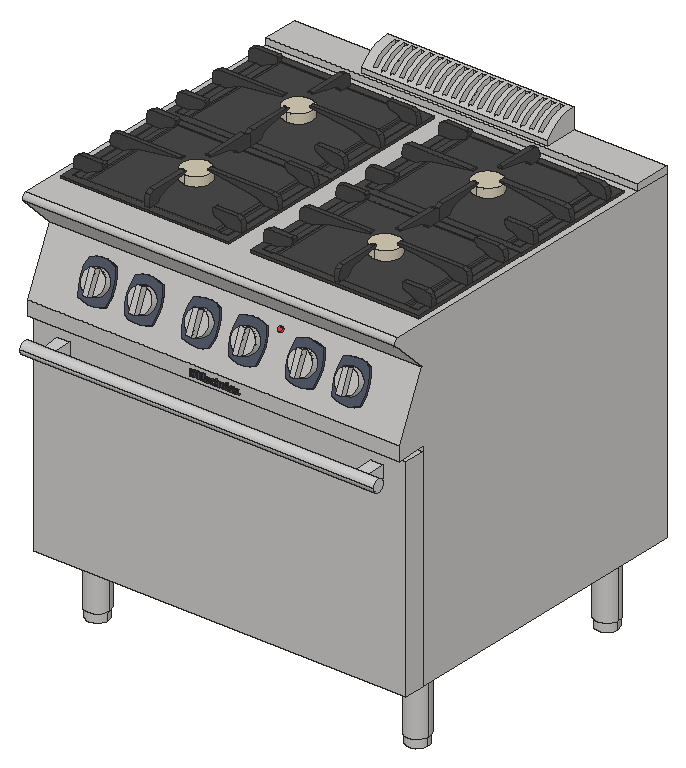
Revit family "QF_ELECTROLUXPROFESSIONAL_371125_E7GCGH4CEN", category Specialty Equipment, Revit 2018
Family settings
  Round Connector Dimension = Use Diameter
  Part Type = Normal
  Work Plane-Based = No
  Always vertical = Yes
  Cut with Voids When Loaded = No
  Shared = No
  Room Calculation Point = No
Parameters
  Width = 800 mm  # constant formula
  Weight in Pounds = 176  # constant formula
  Watts = 6000 VA  # 6000 W
  Volts = 230 V  # constant formula
  URL Cutsheet = "www.electrolux.com"
  URL = "www.electrolux.com"
  Type Mark [instance] = ""
  Status [instance] = ""
  Specification by User [instance] = ""
  Specification by Manufacturer = ""
  Show Logo [instance] = yes
  Show Clearance [instance] = yes
  Serial Number = ""
  Seismic Rating = ""
  SMACNA No = ""
  Revision Code [instance] = ""
  Phase = 3  # constant formula
  Omniclass Number and Title = ""
  Number of Poles [instance] = 1
  NAFEM Spec ID Number = ""
  Model = "371125"
  Min Ckt Ampacity = 0 A
  Mechanical Remarks [instance] = ""
  Mechanical Connection Type [instance] = ""
  Max Overcurrent Protection = 0 A
  Masterspec = ""
  Manufacturer = "ELECTROLUX"
  Item Number [instance] = ""
  Installed By [instance] = ""
  Identify Quantity as Lot [instance] = yes
  Height = 908.9 mm  # constant formula
  HP = "8 HP"
  Gas Size = 12.7 mm  # 1/2"
  Gas RI Height [instance] = 0 mm
  Gas KW [instance] = 22  # constant formula
  Gas Input [instance] = 21979.7 VA  # 74998.0 Btu/h
  Gas Connection Height = 0 mm
  Furnished By [instance] = ""
  Foodservice Equipment Identifier [instance] = yes
  FL Amps = if(Phase = 3, Watts / (Volts * 1.73), Watts / Volts)  # 15.0792 A
  Electrical Remarks [instance] = "230 V/3 ph/50/60 Hz"  # constant formula
  Electric Connection Type [instance] = ""
  Elec Conn RI Height [instance] = 0 mm
  Elec Conn Connection Height [instance] = 0 mm
  Direct Waste Size = 0"
  Description = "700XP 4-Burner Gas Range on Electric Oven"
  Depth = 700 mm  # constant formula
  Cycle [instance] = if([60 Hertz Option], 60 Hz, 50 Hz)  # 60 Hz
  Conn Plug = ""
  Conn Conduit = yes
  CSI MasterFormat = ""
  CSI Master Format = ""
  Assembly Code = ""
  Apparent Power = if(Phase = 3, Volts * FL Amps * 1.73, Volts * FL Amps)  # 6000 VA
  60 Hertz Option [instance] = not([50 Hertz Option])  # yes
  50 Hertz Option [instance] = no
Reference planes
  plane 1 "BACK": y = 0
  plane 2: z = 0
  plane 3 "LEFT": x = 0
  plane 4 "RIGHT": x = 800
  plane 5 "FRONT": y = -700
  plane 6 "TOP": z = 908.9
  plane 7 "Center Y": x = 400
  plane 8 "Center X": y = -350
  plane 9 "Base": z = 150
  plane 10: z = 850.9
  plane 11: y = -730.129
  plane 12: y = -1109
Forms (mm)
  Revolve 1, solid, material "QF_Finishes_Stainless Steel"
    sketch origin (1, -90, 0) x (1, 0, 0) y (0, 0, 1)
      loop
        line (55, 0) -> (55, 150) -> (29.6, 150) -> (29.6, 19.05) -> (32.1, 19.05) -> (32.1, 0) -> (55, 0)
      axis (55, 0) -> (55, 150)
    angle from 0 to 360
  Revolve 2, solid, material "QF_Finishes_Stainless Steel"
    sketch origin (1, -599.588, 0) x (1, 0, 0) y (0, 0, 1)
      loop
        line (55, 0) -> (55, 150) -> (29.6, 150) -> (29.6, 19.05) -> (32.1, 19.05) -> (32.1, 0) -> (55, 0)
      axis (55, 0) -> (55, 150)
    angle from 0 to 360
  Revolve 3, solid, material "QF_Finishes_Stainless Steel"
    sketch origin (799, -90, 0) x (-1, 0, 0) y (0, 0, -1)
      loop
        line (55, 0) -> (32.1, 0) -> (32.1, -19.05) -> (29.6, -19.05) -> (29.6, -150) -> (55, -150) -> (55, 0)
      axis (55, 0) -> (55, -150)
    angle from 0 to 360
  Revolve 4, solid, material "QF_Finishes_Stainless Steel"
    sketch origin (799, -599.588, 0) x (-1, 0, 0) y (0, 0, -1)
      loop
        line (55, 0) -> (32.1, 0) -> (32.1, -19.05) -> (29.6, -19.05) -> (29.6, -150) -> (55, -150) -> (55, 0)
      axis (55, 0) -> (55, -150)
    angle from 0 to 360
  Extrusion 5, solid, material "QF_Finishes_Stainless Steel"
    sketch origin (0, 0, 576.213) x (0, 1, 0) y (0, 0, 1)
      loop
        line (0, -426.213) -> (0, 274.687) -> (-721.5, 274.687)
        arc (-721.5, 274.687) -> (-729.472, 269.36) -> (-727.602, 259.956) r 8.63
        line (-727.602, 259.956) -> (-658.266, 190.62) -> (-715.962, 65.264) -> (-715.962, 33.966) -> (-655.839, 38.662)
        arc (-655.839, 38.662) -> (-653.314, 37.914) -> (-652.222, 35.518) r 3.175
        line (-652.222, 35.518) -> (-652.222, -426.213) -> (0, -426.213)
    from 0 to 800
  Extrusion 6, solid, material "QF_Finishes_Stainless Steel"
    sketch origin (0, -652.222, 611.731) x (0, 0, -1) y (1, 0, 0)
      loop
        line (461.731, 0) -> (461.731, 800) -> (9.61, 800) -> (9.61, 0) -> (461.731, 0)
    from 3.175 to 47.778
  Extrusion 7, solid, material "QF_Finishes_Handrails and Railings"
    sketch origin (0, 0, 0) x (0, 1, 0) y (0, 0, 1)
      loop
        line (-700, 580.001) -> (-738.678, 577.296)
        arc (-738.678, 577.296) -> (-739.871, 563.489) -> (-752.981, 558.993) r 12.7
        arc (-752.981, 558.993) -> (-752.44, 558.176) -> (-751.841, 557.401) r 13.441
        arc (-751.841, 557.401) -> (-750.036, 555.955) -> (-747.808, 555.335) r 5.77
        line (-747.808, 555.335) -> (-700, 551.992) -> (-700, 580.001)
    from 50.8 to 76.2
  Extrusion 8, solid, material "QF_Finishes_Handrails and Railings"
    sketch origin (800, 0, 0) x (0, 1, 0) y (0, 0, -1)
      loop
        line (-700, -580.001) -> (-700, -551.992) -> (-747.808, -555.335)
        arc (-747.808, -555.335) -> (-750.036, -555.955) -> (-751.841, -557.401) r 5.77
        arc (-751.841, -557.401) -> (-752.44, -558.176) -> (-752.981, -558.993) r 13.441
        arc (-752.981, -558.993) -> (-739.871, -563.489) -> (-738.678, -577.296) r 12.7
        line (-738.678, -577.296) -> (-700, -580.001)
    from 50.8 to 76.2
  Extrusion 9, solid, material "QF_Finishes_Handrails and Railings"
    sketch origin (0, 0, 0) x (0, 1, 0) y (0, 0, 1)
      loop
        circle (-749.878, 571.309) r 12.7
    from 19.875 to 780.125
  Extrusion 10, solid, material "QF_Finishes_Stainless Steel"
    sketch origin (0, 0, 576.213) x (0, 1, 0) y (0, 0, 1)
      loop
        line (0, 274.687) -> (0, 288.975) -> (-76.2, 288.975) -> (-76.2, 274.687) -> (0, 274.687)
    from 0 to 800
  Extrusion 11, solid, material "QF_Finishes_Navy Blue"
    sketch origin (7.744, -713.772, 646.186) x (0, 0.418102, 0.9084) y (-1, 0, 0)
      loop
        arc (102.623, -190.47) -> (67.041, -182.846) -> (31.333, -189.853) r 90.5
        arc (31.333, -189.853) -> (24.507, -219.04) -> (31.333, -248.228) r 65.817
        arc (31.333, -248.228) -> (67.04, -255.188) -> (102.623, -247.615) r 91.066
        arc (102.623, -247.615) -> (109.179, -219.043) -> (102.623, -190.47) r 65.546
      loop
        arc (102.623, -90.47) -> (67.041, -82.846) -> (31.333, -89.853) r 90.5
        arc (31.333, -89.853) -> (24.507, -119.04) -> (31.333, -148.228) r 65.817
        arc (31.333, -148.228) -> (67.04, -155.188) -> (102.623, -147.615) r 91.066
        arc (102.623, -147.615) -> (109.179, -119.043) -> (102.623, -90.47) r 65.546
      loop
        arc (102.623, -594.043) -> (109.179, -565.47) -> (102.623, -536.897) r 65.546
        arc (102.623, -536.897) -> (67.04, -529.324) -> (31.333, -536.284) r 91.066
        arc (31.333, -536.284) -> (24.507, -565.472) -> (31.333, -594.66) r 65.817
        arc (31.333, -594.66) -> (67.041, -601.667) -> (102.623, -594.043) r 90.5
      loop
        arc (102.623, -694.043) -> (109.179, -665.47) -> (102.623, -636.897) r 65.546
        arc (102.623, -636.897) -> (67.04, -629.324) -> (31.333, -636.284) r 91.066
        arc (31.333, -636.284) -> (24.507, -665.472) -> (31.333, -694.66) r 65.817
        arc (31.333, -694.66) -> (67.041, -701.667) -> (102.623, -694.043) r 90.5
      loop
        arc (102.623, -413.686) -> (67.041, -406.061) -> (31.333, -413.069) r 90.5
        arc (31.333, -413.069) -> (24.507, -442.256) -> (31.333, -471.444) r 65.817
        arc (31.333, -471.444) -> (67.04, -478.404) -> (102.623, -470.831) r 91.066
        arc (102.623, -470.831) -> (109.179, -442.259) -> (102.623, -413.686) r 65.546
      loop
        arc (102.623, -313.686) -> (67.041, -306.061) -> (31.333, -313.069) r 90.5
        arc (31.333, -313.069) -> (24.507, -342.256) -> (31.333, -371.444) r 65.817
        arc (31.333, -371.444) -> (67.04, -378.404) -> (102.623, -370.831) r 91.066
        arc (102.623, -370.831) -> (109.179, -342.259) -> (102.623, -313.686) r 65.546
    from 0 to 3.175
  Extrusion 12, solid, material "QF_Finishes_Stainless Steel"
    sketch origin (386.494, -717.485, 645.711) x (0, 0.418102, 0.9084) y (-1, 0, 0)
      loop
        circle (68.826, 159.037) r 25.4
      loop
        circle (68.826, 259.037) r 25.4
      loop
        circle (68.826, -186.049) r 25.4
      loop
        circle (68.826, -286.049) r 25.4
      loop
        circle (68.826, -63.463) r 25.4
      loop
        circle (68.826, 36.537) r 25.4
    from 0 to 12.7
  Extrusion 13, solid, material "QF_Finishes_Stainless Steel"
    sketch origin (0, 0, 150) x (-1, 0, 0) y (0, -1, 0)
      loop
        circle (-747.612, 464) r 6.35
    from -8.815 to 7.722
  Extrusion 14, solid, material "QF_Finishes_Door Clearance", visible <- "Show Clearance", detail levels coarse
    sketch origin (0, 0, 0) x (0, 1, 0) y (0, 0, 1)
      loop
        line (-1109, 150) -> (-700, 150) -> (-700, 601.405)
        arc (-700, 601.405) -> (-991.543, 454.568) -> (-1109, 150) r 453.603
    from 0 to 800
  Extrusion 15, solid, material "QF_Finishes_Clearance", visible <- "Show Clearance", detail levels coarse
    sketch origin (0, 0, 0) x (1, 0, 0) y (0, 1, 0)
      loop
        line (-150, -730.129) -> (0, -730.129) -> (0, 0) -> (800, 0) -> (800, -730.129) -> (950, -730.129) -> (950, 150) -> (-150, 150) -> (-150, -730.129)
    from 0 to 908.85
  Extrusion 16, solid, material "QF_Finishes_Stainless Steel"
    sketch origin (66.494, -729.022, 651.021) x (0, 0.418102, 0.9084) y (-1, 0, 0)
      loop
        arc (93.558, -166.749) -> (94.226, -160.963) -> (93.558, -155.177) r 25.4
        line (93.558, -155.177) -> (44.094, -155.177)
        arc (44.094, -155.177) -> (43.426, -160.963) -> (44.094, -166.749) r 25.4
        line (44.094, -166.749) -> (93.558, -166.749)
    from 0 to 12.7
  Extrusion 17, solid, material "QF_Finishes_Stainless Steel"
    sketch origin (-33.506, -729.022, 651.021) x (0, 0.418102, 0.9084) y (-1, 0, 0)
      loop
        arc (93.558, -166.749) -> (94.226, -160.963) -> (93.558, -155.177) r 25.4
        line (93.558, -155.177) -> (44.094, -155.177)
        arc (44.094, -155.177) -> (43.426, -160.963) -> (44.094, -166.749) r 25.4
        line (44.094, -166.749) -> (93.558, -166.749)
    from 0 to 12.7
  Extrusion 18, void
    sketch origin (-65.011, 0, 865.138) x (-1, 0, 0) y (0, -1, 0)
      loop
        line (-295.005, 6.761) -> (-285.709, 6.761) -> (-285.709, 63.911) -> (-295.005, 63.911) -> (-295.005, 6.761)
      loop
        line (-313.697, 6.761) -> (-304.401, 6.761) -> (-304.401, 63.911) -> (-313.697, 63.911) -> (-313.697, 6.761)
      loop
        line (-332.39, 6.761) -> (-323.094, 6.761) -> (-323.094, 63.911) -> (-332.39, 63.911) -> (-332.39, 6.761)
      loop
        line (-351.082, 6.761) -> (-341.787, 6.761) -> (-341.787, 63.911) -> (-351.082, 63.911) -> (-351.082, 6.761)
      loop
        line (-369.775, 6.761) -> (-360.479, 6.761) -> (-360.479, 63.911) -> (-369.775, 63.911) -> (-369.775, 6.761)
      loop
        line (-388.468, 6.761) -> (-379.172, 6.761) -> (-379.172, 63.911) -> (-388.468, 63.911) -> (-388.468, 6.761)
      loop
        line (-407.16, 6.761) -> (-397.864, 6.761) -> (-397.864, 63.911) -> (-407.16, 63.911) -> (-407.16, 6.761)
      loop
        line (-425.853, 6.761) -> (-416.557, 6.761) -> (-416.557, 63.911) -> (-425.853, 63.911) -> (-425.853, 6.761)
      loop
        line (-444.545, 6.761) -> (-435.25, 6.761) -> (-435.25, 63.911) -> (-444.545, 63.911) -> (-444.545, 6.761)
      loop
        line (-463.238, 6.761) -> (-453.942, 6.761) -> (-453.942, 63.911) -> (-463.238, 63.911) -> (-463.238, 6.761)
      loop
        line (-481.931, 6.761) -> (-472.635, 6.761) -> (-472.635, 63.911) -> (-481.931, 63.911) -> (-481.931, 6.761)
      loop
        line (-500.623, 6.761) -> (-491.328, 6.761) -> (-491.328, 63.911) -> (-500.623, 63.911) -> (-500.623, 6.761)
      loop
        line (-519.316, 6.761) -> (-510.02, 6.761) -> (-510.02, 63.911) -> (-519.316, 63.911) -> (-519.316, 6.761)
      loop
        line (-538.008, 6.761) -> (-528.713, 6.761) -> (-528.713, 63.911) -> (-538.008, 63.911) -> (-538.008, 6.761)
      loop
        line (-556.701, 6.761) -> (-547.405, 6.761) -> (-547.405, 63.911) -> (-556.701, 63.911) -> (-556.701, 6.761)
      loop
        line (-575.394, 6.761) -> (-566.098, 6.761) -> (-566.098, 63.911) -> (-575.394, 63.911) -> (-575.394, 6.761)
      loop
        line (-594.086, 6.761) -> (-584.791, 6.761) -> (-584.791, 63.911) -> (-594.086, 63.911) -> (-594.086, 6.761)
      loop
        line (-612.779, 6.761) -> (-603.483, 6.761) -> (-603.483, 63.911) -> (-612.779, 63.911) -> (-612.779, 6.761)
      loop
        line (-631.472, 6.761) -> (-622.176, 6.761) -> (-622.176, 63.911) -> (-631.472, 63.911) -> (-631.472, 6.761)
      loop
        line (-650.164, 6.761) -> (-640.868, 6.761) -> (-640.868, 63.911) -> (-650.164, 63.911) -> (-650.164, 6.761)
    from 9.525 to 45.348
  Extrusion 19, solid, material "QF_Finishes_Stainless Steel"
    sketch origin (-200, 0, 590.5) x (0, 1, 0) y (0, 0, 1)
      loop
        line (0, 274.688) -> (0, 318.4)
        arc (0, 318.4) -> (-39.072, 309.779) -> (-69.85, 284.212) r 84.854
        line (-69.85, 284.212) -> (-69.85, 274.688) -> (0, 274.688)
    from 400 to 800
  Extrusion 20, solid, material "QF_Finishes_Stainless Steel"
    sketch origin (733.506, -729.022, 651.021) x (0, 0.418102, 0.9084) y (-1, 0, 0)
      loop
        line (93.558, 166.749) -> (44.094, 166.749)
        arc (44.094, 166.749) -> (43.426, 160.963) -> (44.094, 155.177) r 25.4
        line (44.094, 155.177) -> (93.558, 155.177)
        arc (93.558, 155.177) -> (94.226, 160.963) -> (93.558, 166.749) r 25.4
    from 0 to 12.7
  Extrusion 21, solid, material "QF_Finishes_Stainless Steel"
    sketch origin (833.506, -729.022, 651.021) x (0, 0.418102, 0.9084) y (-1, 0, 0)
      loop
        line (93.558, 166.749) -> (44.094, 166.749)
        arc (44.094, 166.749) -> (43.426, 160.963) -> (44.094, 155.177) r 25.4
        line (44.094, 155.177) -> (93.558, 155.177)
        arc (93.558, 155.177) -> (94.226, 160.963) -> (93.558, 166.749) r 25.4
    from 0 to 12.7
  Extrusion 22, solid, material "QF_Finishes_Stainless Steel"
    sketch origin (288.994, -729.022, 651.021) x (0, 0.418102, 0.9084) y (-1, 0, 0)
      loop
        arc (93.558, -166.749) -> (94.226, -160.963) -> (93.558, -155.177) r 25.4
        line (93.558, -155.177) -> (44.094, -155.177)
        arc (44.094, -155.177) -> (43.426, -160.963) -> (44.094, -166.749) r 25.4
        line (44.094, -166.749) -> (93.558, -166.749)
    from 0 to 12.7
  Extrusion 23, solid, material "QF_Finishes_Stainless Steel"
    sketch origin (188.994, -729.022, 651.021) x (0, 0.418102, 0.9084) y (-1, 0, 0)
      loop
        arc (93.558, -166.749) -> (94.226, -160.963) -> (93.558, -155.177) r 25.4
        line (93.558, -155.177) -> (44.094, -155.177)
        arc (44.094, -155.177) -> (43.426, -160.963) -> (44.094, -166.749) r 25.4
        line (44.094, -166.749) -> (93.558, -166.749)
    from 0 to 12.7
  Extrusion 24, solid, material "QF_Finishes_Red"
    sketch origin (0, -658.266, 766.833) x (0, -0.418102, -0.9084) y (1, 0, 0)
      loop
        circle (27.385, 506.659) r 5
    from 0 to 1.6
  Extrusion 25, solid, material "QF_Finishes_Stainless Steel"
    sketch origin (0, -50, 150) x (-1, 0, 0) y (0, -1, 0)
      loop
        circle (-747.612, 464) r 3.175
    from -1.912 to 7.722
  Extrusion 26, solid, material "QF_Finishes_Navy Blue", visible <- "Show Logo"
    sketch origin (61.109, -715.962, 610.773) x (0, 0, 1) y (-1, 0, 0)
      loop
        line (20.674, -296.698) -> (8.307, -296.698)
        arc (8.307, -296.698) -> (14.491, -301.27) -> (20.674, -296.698) r 6.467
      loop
        arc (20.674, -296.069) -> (19.505, -290.926) -> (14.849, -288.448) r 6.338
        line (14.849, -288.448) -> (14.849, -290.494)
        arc (14.849, -290.494) -> (16.333, -294.149) -> (19.778, -296.069) r 5.941
        line (19.778, -296.069) -> (20.674, -296.069)
      loop
        arc (9.203, -296.069) -> (12.648, -294.149) -> (14.132, -290.494) r 5.941
        line (14.132, -290.494) -> (14.132, -288.448)
        arc (14.132, -288.448) -> (9.438, -290.922) -> (8.148, -296.069) r 6.504
        line (8.148, -296.069) -> (9.203, -296.069)
      loop
        line (21.349, -287.979) -> (7.604, -287.979) -> (7.604, -301.742) -> (21.349, -301.742) -> (21.349, -287.979)
      loop
        arc (21.432, -304.71) -> (21.085, -304.352) -> (20.718, -304.69) r 0.358
        arc (20.718, -304.69) -> (20.404, -305.44) -> (19.687, -305.825) r 1.216
        line (19.687, -305.825) -> (9.274, -305.825)
        arc (9.274, -305.825) -> (8.614, -305.548) -> (8.218, -304.951) r 1.238
        arc (8.218, -304.951) -> (7.823, -304.7) -> (7.518, -305.054) r 0.358
        line (7.518, -305.054) -> (7.518, -314.933) -> (10.269, -314.933) -> (10.269, -314.036)
        arc (10.269, -314.036) -> (9.36, -313.456) -> (8.904, -312.479) r 1.928
        line (8.904, -312.479) -> (8.904, -309.98)
        arc (8.904, -309.98) -> (9.18, -309.251) -> (9.868, -308.887) r 1.101
        line (9.868, -308.887) -> (13.955, -308.887) -> (13.955, -312.561)
        arc (13.955, -312.561) -> (13.602, -313.058) -> (13.037, -313.286) r 1.083
        arc (13.037, -313.286) -> (12.773, -313.591) -> (13.065, -313.869) r 0.292
        line (13.065, -313.869) -> (16.028, -313.869)
        arc (16.028, -313.869) -> (16.33, -313.596) -> (16.092, -313.266) r 0.305
        arc (16.092, -313.266) -> (15.601, -313.018) -> (15.296, -312.561) r 1.083
        line (15.296, -312.561) -> (15.296, -308.887) -> (19.973, -308.887) -> (19.973, -312.635)
        arc (19.973, -312.635) -> (19.759, -313.39) -> (19.153, -313.888) r 1.314
        arc (19.153, -313.888) -> (18.934, -314.292) -> (19.288, -314.585) r 0.361
        line (19.288, -314.585) -> (21.432, -314.585) -> (21.432, -304.71)
      loop
        arc (20.715, -315.365) -> (20.335, -316.284) -> (19.416, -316.664) r 1.299
        line (19.416, -316.664) -> (9.837, -316.664)
        arc (9.837, -316.664) -> (8.999, -316.286) -> (8.728, -315.408) r 1.118
        line (8.728, -315.408) -> (7.518, -315.408) -> (7.518, -320.758) -> (8.706, -320.758)
        arc (8.706, -320.758) -> (8.978, -319.841) -> (9.848, -319.445) r 1.153
        line (9.848, -319.445) -> (21.92, -319.445) -> (20.715, -315.365)
      loop
        line (12.483, -323.394) -> (12.483, -329.842) -> (13.282, -329.842)
        arc (13.282, -329.842) -> (15.862, -328.857) -> (17.131, -326.404) r 3.874
        line (17.131, -326.404) -> (17.131, -324.643)
        arc (17.131, -324.643) -> (15.944, -321.778) -> (13.08, -320.592) r 4.051
        line (13.08, -320.592) -> (11.072, -320.592)
        arc (11.072, -320.592) -> (8.253, -322.077) -> (7.202, -325.084) r 4.352
        arc (7.202, -325.084) -> (7.566, -327.547) -> (8.943, -329.621) r 5.713
        line (8.943, -329.621) -> (9.892, -329.621)
        arc (9.892, -329.621) -> (9.16, -328.052) -> (8.943, -326.334) r 5.579
        arc (8.943, -326.334) -> (9.737, -324.371) -> (11.616, -323.394) r 3.057
        line (11.616, -323.394) -> (12.483, -323.394)
      loop
        line (13.742, -323.394) -> (13.742, -326.977)
        arc (13.742, -326.977) -> (15.199, -327.024) -> (16.082, -325.864) r 1.59
        line (16.082, -325.864) -> (16.082, -325.034)
        arc (16.082, -325.034) -> (15.217, -323.779) -> (13.742, -323.394) r 2.184
      loop
        arc (16.533, -339.259) -> (17.022, -337.585) -> (17.179, -335.848) r 9.023
        line (17.179, -335.848) -> (17.179, -334.486)
        arc (17.179, -334.486) -> (16.02, -331.686) -> (13.22, -330.527) r 3.959
        line (13.22, -330.527) -> (10.62, -330.527)
        arc (10.62, -330.527) -> (8.338, -331.819) -> (7.221, -334.192) r 4.331
        line (7.221, -334.192) -> (7.221, -336.327)
        arc (7.221, -336.327) -> (7.729, -337.877) -> (8.651, -339.223) r 5.772
        arc (8.651, -339.223) -> (9.412, -339.274) -> (9.499, -338.515) r 0.553
        arc (9.499, -338.515) -> (9.111, -337.781) -> (8.977, -336.962) r 2.573
        line (8.977, -336.962) -> (8.977, -335.447)
        arc (8.977, -335.447) -> (9.983, -333.806) -> (11.798, -333.163) r 2.884
        line (11.798, -333.163) -> (13.077, -333.163)
        arc (13.077, -333.163) -> (14.898, -333.723) -> (15.824, -335.388) r 2.554
        line (15.824, -335.388) -> (15.824, -336.441)
        arc (15.824, -336.441) -> (15.493, -337.369) -> (14.836, -338.104) r 2.564
        arc (14.836, -338.104) -> (14.614, -338.821) -> (15.223, -339.259) r 0.643
        line (15.223, -339.259) -> (16.533, -339.259)
      loop
        line (15.515, -339.53) -> (15.515, -341.031) -> (9.467, -341.031)
        arc (9.467, -341.031) -> (7.879, -341.688) -> (7.221, -343.276) r 2.246
        line (7.221, -343.276) -> (7.221, -344.86)
        arc (7.221, -344.86) -> (7.535, -345.725) -> (8.035, -346.496) r 4.06
        arc (8.035, -346.496) -> (8.768, -346.629) -> (9.019, -345.928) r 0.576
        arc (9.019, -345.928) -> (8.913, -345.403) -> (8.977, -344.87) r 1.69
        arc (8.977, -344.87) -> (9.519, -344.082) -> (10.425, -343.779) r 1.506
        line (10.425, -343.779) -> (15.563, -343.779) -> (15.563, -346.176) -> (16.119, -346.733) -> (16.941, -346.733) -> (16.941, -343.873) -> (20.172, -343.873) -> (15.515, -339.53)
      loop
        line (7.438, -347.63) -> (7.438, -353.017) -> (8.548, -353.017)
        arc (8.548, -353.017) -> (8.942, -352.066) -> (9.893, -351.672) r 1.345
        line (9.893, -351.672) -> (13.509, -351.672)
        arc (13.509, -351.672) -> (14.274, -352.264) -> (14.564, -353.186) r 1.615
        line (14.564, -353.186) -> (14.564, -354.742) -> (17.119, -355.427) -> (17.119, -354.044) -> (15.177, -351.485) -> (17.057, -351.485) -> (16.773, -348.779)
        arc (16.773, -348.779) -> (16.333, -348.249) -> (15.674, -348.45) r 0.621
        arc (15.674, -348.45) -> (15.274, -348.792) -> (14.78, -348.975) r 1.501
        line (14.78, -348.975) -> (9.893, -348.975)
        arc (9.893, -348.975) -> (8.942, -348.581) -> (8.548, -347.63) r 1.345
        line (8.548, -347.63) -> (7.438, -347.63)
      loop
        line (13.54, -354.964) -> (10.848, -354.964)
        arc (10.848, -354.964) -> (8.403, -356.272) -> (7.269, -358.803) r 4.288
        arc (7.269, -358.803) -> (7.205, -360.183) -> (7.269, -361.563) r 15.022
        arc (7.269, -361.563) -> (8.403, -364.094) -> (10.848, -365.401) r 4.288
        line (10.848, -365.401) -> (13.54, -365.401)
        arc (13.54, -365.401) -> (15.986, -364.094) -> (17.119, -361.563) r 4.288
        arc (17.119, -361.563) -> (17.183, -360.183) -> (17.119, -358.803) r 15.022
        arc (17.119, -358.803) -> (15.986, -356.272) -> (13.54, -354.964) r 4.288
      loop
        line (13.745, -358.078) -> (10.643, -358.078)
        arc (10.643, -358.078) -> (8.486, -360.235) -> (10.643, -362.392) r 2.157
        line (10.643, -362.392) -> (13.745, -362.392)
        arc (13.745, -362.392) -> (15.902, -360.235) -> (13.745, -358.078) r 2.157
      loop
        arc (20.726, -365.26) -> (20.355, -366.154) -> (19.461, -366.524) r 1.264
        line (19.461, -366.524) -> (9.597, -366.524)
        arc (9.597, -366.524) -> (8.727, -366.127) -> (8.455, -365.211) r 1.153
        line (8.455, -365.211) -> (7.518, -365.211) -> (7.518, -370.319) -> (8.446, -370.319)
        arc (8.446, -370.319) -> (8.805, -369.547) -> (9.597, -369.232) r 1.153
        line (9.597, -369.232) -> (21.92, -369.232) -> (20.726, -365.26)
      loop
        arc (15.846, -369.857) -> (15.647, -370.921) -> (14.678, -371.403) r 1.215
        line (14.678, -371.403) -> (9.658, -371.403)
        arc (9.658, -371.403) -> (8.043, -372.051) -> (7.322, -373.634) r 2.338
        line (7.322, -373.634) -> (7.322, -375.148)
        arc (7.322, -375.148) -> (7.497, -376.152) -> (7.999, -377.038) r 2.979
        line (7.999, -377.038) -> (7.518, -378.835) -> (7.518, -380.524) -> (16.943, -380.524) -> (16.649, -376.32) -> (15.863, -376.32)
        arc (15.863, -376.32) -> (15.507, -377.156) -> (14.755, -377.665) r 1.605
        line (14.755, -377.665) -> (9.652, -377.665)
        arc (9.652, -377.665) -> (9.232, -376.728) -> (9.159, -375.704) r 2.94
        arc (9.159, -375.704) -> (9.72, -374.603) -> (10.873, -374.16) r 1.724
        line (10.873, -374.16) -> (17.07, -374.16) -> (15.846, -369.857)
      loop
        line (16.874, -381.377) -> (15.202, -383.423) -> (12.028, -385.729) -> (8.572, -382.617)
        arc (8.572, -382.617) -> (8.335, -382.223) -> (8.357, -381.764) r 0.789
        line (8.357, -381.764) -> (7.518, -381.764) -> (7.518, -385.309) -> (8.344, -385.309)
        arc (8.344, -385.309) -> (8.686, -384.947) -> (9.176, -385.039) r 0.52
        line (9.176, -385.039) -> (10.976, -386.51) -> (8.858, -387.886)
        arc (8.858, -387.886) -> (8.457, -387.576) -> (8.37, -387.076) r 0.7
        line (8.37, -387.076) -> (7.518, -387.076) -> (7.518, -393.003) -> (8.405, -393.003)
        arc (8.405, -393.003) -> (8.472, -392.344) -> (8.866, -391.813) r 1.247
        line (8.866, -391.813) -> (13.066, -388.532) -> (15.513, -390.585) -> (16.874, -392.327) -> (16.874, -388.604) -> (15.389, -389.026) -> (13.868, -387.749) -> (15.568, -386.559) -> (16.874, -387.336) -> (16.874, -381.377)
    from 0 to 1.644
Cuts and joins
  Extrusion 18 cuts Extrusion 15
  Extrusion 18 cuts Extrusion 19
Lines and regions (mm)
  symbolic lines, style "QF-Door Swings"
    curve 1: line (0, -730.129, 150) -> (0, -1109, 150)
    curve 2: line (0, -1109, 150) -> (800, -1109, 150)
    curve 3: line (800, -1109, 150) -> (800, -730.129, 150)
  symbolic lines
    curve 4: line (800, -730.129, 150) -> (0, -730.129, 150)
    curve 5: line (0, 0, 150) -> (0, -730.129, 150)
    curve 6: line (0, -69.85, 150) -> (800, -69.85, 150)
    curve 7: line (0, -76.2, 150) -> (800, -76.2, 150)
    curve 8: line (800, -730.129, 150) -> (800, 0, 150)
    curve 9: line (0, 0, 150) -> (800, 0, 150)
    curve 13: line (50.8, -738.678, 150) -> (50.8, -730.129, 150)
    curve 14: line (76.2, -730.129, 150) -> (76.2, -738.678, 150)
    curve 15: line (19.875, -737.178, 150) -> (50.8, -737.178, 150)
    curve 16: line (19.875, -762.578, 150) -> (19.875, -737.178, 150)
    curve 17: line (780.125, -762.578, 150) -> (19.875, -762.578, 150)
    curve 18: line (780.125, -737.178, 150) -> (780.125, -762.578, 150)
    curve 19: line (749.2, -738.678, 150) -> (749.2, -730.129, 150)
    curve 20: line (723.8, -738.678, 150) -> (723.8, -730.129, 150)
    curve 21: line (723.8, -738.678, 150) -> (749.2, -738.678, 150)
    curve 22: line (50.8, -738.678, 150) -> (76.2, -738.678, 150)
    curve 23: line (76.2, -737.178, 150) -> (723.8, -737.178, 150)
    curve 24: line (749.2, -737.178, 150) -> (780.125, -737.178, 150)
    curve 25: line (229.994, -6.761, 150) -> (229.994, -63.911, 150)
    curve 26: line (229.994, -63.911, 150) -> (220.698, -63.911, 150)
    curve 27: line (220.698, -63.911, 150) -> (220.698, -6.761, 150)
    curve 28: line (220.698, -6.761, 150) -> (229.994, -6.761, 150)
    curve 29: line (435.612, -6.761, 150) -> (435.612, -63.911, 150)
    curve 30: line (435.612, -63.911, 150) -> (426.317, -63.911, 150)
    curve 31: line (426.317, -63.911, 150) -> (426.317, -6.761, 150)
    curve 32: line (426.317, -6.761, 150) -> (435.612, -6.761, 150)
    curve 33: line (416.92, -6.761, 150) -> (416.92, -63.911, 150)
    curve 34: line (416.92, -63.911, 150) -> (407.624, -63.911, 150)
    curve 35: line (407.624, -63.911, 150) -> (407.624, -6.761, 150)
    curve 36: line (407.624, -6.761, 150) -> (416.92, -6.761, 150)
    curve 37: line (398.227, -6.761, 150) -> (398.227, -63.911, 150)
    curve 38: line (398.227, -63.911, 150) -> (388.931, -63.911, 150)
    curve 39: line (388.931, -63.911, 150) -> (388.931, -6.761, 150)
    curve 40: line (388.931, -6.761, 150) -> (398.227, -6.761, 150)
    curve 41: line (379.534, -6.761, 150) -> (379.534, -63.911, 150)
    curve 42: line (379.534, -63.911, 150) -> (370.239, -63.911, 150)
    curve 43: line (370.239, -63.911, 150) -> (370.239, -6.761, 150)
    curve 44: line (370.239, -6.761, 150) -> (379.534, -6.761, 150)
    curve 45: line (360.842, -6.761, 150) -> (360.842, -63.911, 150)
    curve 46: line (360.842, -63.911, 150) -> (351.546, -63.911, 150)
    curve 47: line (351.546, -63.911, 150) -> (351.546, -6.761, 150)
    curve 48: line (351.546, -6.761, 150) -> (360.842, -6.761, 150)
    curve 49: line (342.149, -6.761, 150) -> (342.149, -63.911, 150)
    curve 50: line (342.149, -63.911, 150) -> (332.854, -63.911, 150)
    curve 51: line (332.854, -63.911, 150) -> (332.854, -6.761, 150)
    curve 52: line (332.854, -6.761, 150) -> (342.149, -6.761, 150)
    curve 53: line (323.457, -6.761, 150) -> (323.457, -63.911, 150)
    curve 54: line (323.457, -63.911, 150) -> (314.161, -63.911, 150)
    curve 55: line (314.161, -63.911, 150) -> (314.161, -6.761, 150)
    curve 56: line (314.161, -6.761, 150) -> (323.457, -6.761, 150)
    curve 57: line (304.764, -6.761, 150) -> (304.764, -63.911, 150)
    curve 58: line (304.764, -63.911, 150) -> (295.468, -63.911, 150)
    curve 59: line (295.468, -63.911, 150) -> (295.468, -6.761, 150)
    curve 60: line (295.468, -6.761, 150) -> (304.764, -6.761, 150)
    curve 61: line (286.071, -6.761, 150) -> (286.071, -63.911, 150)
    curve 62: line (286.071, -63.911, 150) -> (276.776, -63.911, 150)
    curve 63: line (276.776, -63.911, 150) -> (276.776, -6.761, 150)
    curve 64: line (276.776, -6.761, 150) -> (286.071, -6.761, 150)
    curve 65: line (267.379, -6.761, 150) -> (267.379, -63.911, 150)
    curve 66: line (267.379, -63.911, 150) -> (258.083, -63.911, 150)
    curve 67: line (258.083, -63.911, 150) -> (258.083, -6.761, 150)
    curve 68: line (258.083, -6.761, 150) -> (267.379, -6.761, 150)
    curve 69: line (248.686, -6.761, 150) -> (248.686, -63.911, 150)
    curve 70: line (248.686, -63.911, 150) -> (239.39, -63.911, 150)
    curve 71: line (239.39, -63.911, 150) -> (239.39, -6.761, 150)
    curve 72: line (239.39, -6.761, 150) -> (248.686, -6.761, 150)
    curve 73: line (585.153, -6.761, 150) -> (585.153, -63.911, 150)
    curve 74: line (585.153, -63.911, 150) -> (575.857, -63.911, 150)
    curve 75: line (575.857, -63.911, 150) -> (575.857, -6.761, 150)
    curve 76: line (575.857, -6.761, 150) -> (585.153, -6.761, 150)
    curve 77: line (566.461, -6.761, 150) -> (566.461, -63.911, 150)
    curve 78: line (566.461, -63.911, 150) -> (557.165, -63.911, 150)
    curve 79: line (557.165, -63.911, 150) -> (557.165, -6.761, 150)
    curve 80: line (557.165, -6.761, 150) -> (566.461, -6.761, 150)
    curve 81: line (547.768, -6.761, 150) -> (547.768, -63.911, 150)
    curve 82: line (547.768, -63.911, 150) -> (538.472, -63.911, 150)
    curve 83: line (538.472, -63.911, 150) -> (538.472, -6.761, 150)
    curve 84: line (538.472, -6.761, 150) -> (547.768, -6.761, 150)
    curve 85: line (529.075, -6.761, 150) -> (529.075, -63.911, 150)
    curve 86: line (529.075, -63.911, 150) -> (519.78, -63.911, 150)
    curve 87: line (519.78, -63.911, 150) -> (519.78, -6.761, 150)
    curve 88: line (519.78, -6.761, 150) -> (529.075, -6.761, 150)
    curve 89: line (510.383, -6.761, 150) -> (510.383, -63.911, 150)
    curve 90: line (510.383, -63.911, 150) -> (501.087, -63.911, 150)
    curve 91: line (501.087, -63.911, 150) -> (501.087, -6.761, 150)
    curve 92: line (501.087, -6.761, 150) -> (510.383, -6.761, 150)
    curve 93: line (491.69, -6.761, 150) -> (491.69, -63.911, 150)
    curve 94: line (491.69, -63.911, 150) -> (482.394, -63.911, 150)
    curve 95: line (482.394, -63.911, 150) -> (482.394, -6.761, 150)
    curve 96: line (482.394, -6.761, 150) -> (491.69, -6.761, 150)
    curve 97: line (472.998, -6.761, 150) -> (472.998, -63.911, 150)
    curve 98: line (472.998, -63.911, 150) -> (463.702, -63.911, 150)
    curve 99: line (463.702, -63.911, 150) -> (463.702, -6.761, 150)
    curve 100: line (463.702, -6.761, 150) -> (472.998, -6.761, 150)
    curve 101: line (454.305, -6.761, 150) -> (454.305, -63.911, 150)
    curve 102: line (454.305, -63.911, 150) -> (445.009, -63.911, 150)
    curve 103: line (445.009, -63.911, 150) -> (445.009, -6.761, 150)
    curve 104: line (445.009, -6.761, 150) -> (454.305, -6.761, 150)
    curve 105: line (200, -69.85, 150) -> (200, 0, 150)
    curve 106: line (600, -69.85, 150) -> (600, 0, 150)
  symbolic lines, style "QF-Clearances", visible <- "Show Clearance", detail levels coarse
    curve 10: line (-150, -730.129, 150) -> (-150, 150, 150)
    curve 11: line (-150, 150, 150) -> (950, 150, 150)
    curve 12: line (950, 150, 150) -> (950, -730.129, 150)
Dimensions and locks
  equal spacing: plane 3 "LEFT", plane 7 "Center Y", plane 4 "RIGHT"
  "Width": plane 3 "LEFT" to plane 4 "RIGHT"
  equal spacing: plane 5 "FRONT", plane 8 "Center X", plane 1 "BACK"
  "Depth": plane 5 "FRONT" to plane 1 "BACK"
  "Height": plane 6 "TOP" to level
  plane 9 "Base" to level = 150 mm
  plane 6 "TOP" to plane 10 = 58 mm  (x2)
  plane 1 "BACK" to plane 11 = 730.129 mm
  plane 1 "BACK" to plane 12 = 1109 mm
  aligned and locked: level to plane 2
Automatic sketch dimensions
  Revolve 1 sketch curve to plane 9 "Base" = 0 mm  (x2)
  Revolve 1 sketch curve to level = 0 mm
  plane 3 "LEFT" to Revolve 1 sketch curve = 30.6 mm
  Revolve 1 sketch curve to Revolve 1 sketch curve = 2.5 mm
  Revolve 1 sketch curve to Revolve 1 sketch curve = 25.4 mm
  Revolve 1 sketch curve to Revolve 1 sketch curve = 0 mm
  level to Revolve 1 sketch curve = 19.05 mm
  plane 9 "Base" to Revolve 1 sketch curve = 20 mm
  Revolve 2 sketch curve to plane 9 "Base" = 0 mm  (x2)
  Revolve 2 sketch curve to level = 0 mm
  plane 3 "LEFT" to Revolve 2 sketch curve = 30.6 mm
  Revolve 2 sketch curve to Revolve 2 sketch curve = 2.5 mm
  Revolve 2 sketch curve to Revolve 2 sketch curve = 25.4 mm
  Revolve 2 sketch curve to Revolve 2 sketch curve = 0 mm
  level to Revolve 2 sketch curve = 19.05 mm
  plane 9 "Base" to Revolve 2 sketch curve = 20 mm
  Revolve 3 sketch curve to plane 9 "Base" = 0 mm  (x2)
  Revolve 3 sketch curve to level = 0 mm
  Revolve 3 sketch curve to plane 4 "RIGHT" = 30.6 mm
  Revolve 3 sketch curve to Revolve 3 sketch curve = 2.5 mm
  Revolve 3 sketch curve to Revolve 3 sketch curve = 25.4 mm
  Revolve 3 sketch curve to Revolve 3 sketch curve = 0 mm
  plane 9 "Base" to Revolve 3 sketch curve = 20 mm
  level to Revolve 3 sketch curve = 19.05 mm
  Revolve 4 sketch curve to plane 9 "Base" = 0 mm  (x2)
  Revolve 4 sketch curve to level = 0 mm
  Revolve 4 sketch curve to plane 4 "RIGHT" = 30.6 mm
  Revolve 4 sketch curve to Revolve 4 sketch curve = 2.5 mm
  Revolve 4 sketch curve to Revolve 4 sketch curve = 25.4 mm
  Revolve 4 sketch curve to Revolve 4 sketch curve = 0 mm
  plane 9 "Base" to Revolve 4 sketch curve = 20 mm
  level to Revolve 4 sketch curve = 19.05 mm
  Extrusion 5 sketch curve to plane 10 = 0 mm
  Extrusion 5 sketch curve to plane 9 "Base" = 0 mm
  Extrusion 5 sketch curve to plane 1 "BACK" = 0 mm
  Extrusion 5 sketch curve to plane 5 "FRONT" = 47.778 mm
  Extrusion 5 sketch curve to Extrusion 5 sketch curve = 3.175 mm
  Extrusion 5 sketch curve to Extrusion 5 sketch curve = 0.442 mm
  Extrusion 5 sketch curve to plane 5 "FRONT" = 41.734 mm
  Extrusion 5 sketch curve to plane 11 = 14.167 mm
  Extrusion 5 sketch curve to plane 11 = 8.63 mm
  Extrusion 5 sketch curve to plane 11 = 2.528 mm
  Extrusion 5 sketch curve to plane 10 = 240.721 mm
  Extrusion 5 sketch curve to Extrusion 5 sketch curve = 1.552 mm
  Extrusion 5 sketch curve to Extrusion 5 sketch curve = 31.298 mm
  Extrusion 5 sketch curve to plane 10 = 84.067 mm
  Extrusion 5 sketch curve to plane 10 = 14.732 mm
  Extrusion 6 sketch curve to Extrusion 5 = 0 mm  (x2)
  Extrusion 5 to Extrusion 6 sketch curve = 0 mm
  Extrusion 5 to Extrusion 6 sketch curve = 9.61 mm
  Extrusion 7 sketch curve to plane 5 "FRONT" = 0 mm
  plane 11 to Extrusion 7 sketch curve = 8.549 mm
  plane 11 to Extrusion 7 sketch curve = 11.379 mm
  Extrusion 7 sketch curve to Extrusion 7 sketch curve = 5.898 mm
  Extrusion 7 sketch curve to Extrusion 7 sketch curve = 0.402 mm
  Extrusion 7 sketch curve to Extrusion 7 sketch curve = 8.37 mm
  Extrusion 7 sketch curve to Extrusion 7 sketch curve = 4.033 mm
  Extrusion 7 sketch curve to Extrusion 7 sketch curve = 0 mm  (x2)
  Extrusion 7 sketch curve to Extrusion 7 sketch curve = 1.139 mm
  Extrusion 7 sketch curve to plane 10 = 298.908 mm
  Extrusion 7 sketch curve to Extrusion 7 sketch curve = 3.343 mm
  Extrusion 7 sketch curve to Extrusion 7 sketch curve = 2.066 mm
  Extrusion 7 sketch curve to Extrusion 7 sketch curve = 5.312 mm
  Extrusion 7 sketch curve to Extrusion 7 sketch curve = 28.009 mm
  Extrusion 8 sketch curve to plane 5 "FRONT" = 0 mm
  plane 11 to Extrusion 8 sketch curve = 8.549 mm
  plane 11 to Extrusion 8 sketch curve = 11.379 mm
  Extrusion 8 sketch curve to Extrusion 8 sketch curve = 5.898 mm
  Extrusion 8 sketch curve to Extrusion 8 sketch curve = 0.402 mm
  Extrusion 8 sketch curve to Extrusion 8 sketch curve = 8.37 mm
  Extrusion 8 sketch curve to Extrusion 8 sketch curve = 4.033 mm
  Extrusion 8 sketch curve to Extrusion 8 sketch curve = 0 mm  (x2)
  Extrusion 8 sketch curve to Extrusion 8 sketch curve = 1.139 mm
  Extrusion 8 sketch curve to plane 10 = 270.899 mm
  Extrusion 8 sketch curve to Extrusion 8 sketch curve = 2.705 mm
  Extrusion 8 sketch curve to Extrusion 8 sketch curve = 5.987 mm
  Extrusion 8 sketch curve to Extrusion 8 sketch curve = 5.312 mm
  Extrusion 8 sketch curve to Extrusion 8 sketch curve = 28.009 mm
  plane 11 to Extrusion 9 sketch curve = 19.749 mm
  Extrusion 9 sketch curve to plane 10 = 279.591 mm
  Extrusion 10 sketch curve to plane 10 = 0 mm
  Extrusion 10 sketch curve to plane 1 "BACK" = 0 mm
  plane 10 to Extrusion 10 sketch curve = 14.288 mm
  Extrusion 10 sketch curve to Extrusion 10 sketch curve = 76.2 mm
  Extrusion 11 sketch curve to plane 7 "Center Y" = 20.812 mm
  Extrusion 11 sketch curve to Extrusion 11 sketch curve = 0 mm  (x16)
  plane 7 "Center Y" to Extrusion 11 sketch curve = 20.812 mm
  Extrusion 11 sketch curve to Extrusion 11 sketch curve = 12.3 mm  (x18)
  Extrusion 11 sketch curve to Extrusion 11 sketch curve = 34.925 mm  (x7)
  plane 7 "Center Y" to Extrusion 11 sketch curve = 4.302 mm
  Extrusion 11 sketch curve to plane 7 "Center Y" = 4.915 mm
  Extrusion 11 sketch curve to Extrusion 11 sketch curve = 46.691 mm  (x6)
  plane 7 "Center Y" to Extrusion 11 sketch curve = 21.43 mm
  Extrusion 11 sketch curve to plane 7 "Center Y" = 21.425 mm
  Extrusion 11 sketch curve to Extrusion 11 sketch curve = 14.612 mm
  Extrusion 11 sketch curve to Extrusion 11 sketch curve = 25.114 mm  (x3)
  Extrusion 11 sketch curve to Extrusion 11 sketch curve = 25.727 mm  (x2)
  Extrusion 11 sketch curve to Extrusion 11 sketch curve = 29.185 mm  (x5)
  Extrusion 11 sketch curve to Extrusion 11 sketch curve = 9.217 mm  (x2)
  Extrusion 11 sketch curve to Extrusion 11 sketch curve = 15.898 mm  (x2)
  Extrusion 11 sketch curve to Extrusion 11 sketch curve = 16.51 mm  (x2)
  Extrusion 11 sketch curve to Extrusion 11 sketch curve = 13.999 mm
  Extrusion 12 sketch curve to Extrusion 12 sketch curve = 0 mm  (x5)
  Extrusion 12 sketch curve to Extrusion 12 sketch curve = 100 mm  (x3)
  Extrusion 12 sketch curve to Extrusion 12 sketch curve = 122.586 mm
  Extrusion 12 sketch curve to Extrusion 12 sketch curve = 122.5 mm
  Extrusion 13 sketch curve to plane 4 "RIGHT" = 52.388 mm
  Extrusion 13 sketch curve to plane 8 "Center X" = 114 mm
  Extrusion 14 sketch curve to plane 9 "Base" = 0 mm
  Extrusion 14 sketch curve to plane 12 = 0 mm
  Extrusion 14 sketch curve to plane 5 "FRONT" = 0 mm
  Extrusion 14 sketch curve to Extrusion 14 sketch curve = 44.603 mm
  plane 11 to curve 12 = 0 mm
  curve 3 to plane 4 "RIGHT" = 0 mm
  plane 1 "BACK" to curve 9 = 0 mm
  curve 9 to plane 4 "RIGHT" = 0 mm
  plane 11 to curve 19 = 0 mm
  curve 1 to plane 3 "LEFT" = 0 mm
  curve 9 to plane 3 "LEFT" = 0 mm
  plane 11 to curve 10 = 0 mm
  plane 12 to curve 1 = 0 mm
  plane 4 "RIGHT" to curve 11 = 150 mm
  plane 11 to curve 18 = 7.049 mm
  curve 18 to plane 4 "RIGHT" = 19.875 mm
  curve 18 to curve 24 = 30.925 mm
  plane 11 to curve 23 = 7.049 mm
  curve 24 to curve 23 = 25.4 mm
  plane 1 "BACK" to curve 106 = 69.85 mm
  curve 106 to plane 4 "RIGHT" = 200 mm
  curve 106 to curve 73 = 14.847 mm
  curve 73 to curve 74 = 9.296 mm
  curve 74 to curve 78 = 9.397 mm
  curve 77 to curve 79 = 9.296 mm
  curve 78 to curve 81 = 9.397 mm
  curve 81 to curve 84 = 9.296 mm
  curve 82 to curve 86 = 9.397 mm
  curve 85 to curve 87 = 9.296 mm
  curve 86 to curve 90 = 9.397 mm
  curve 89 to curve 91 = 9.296 mm
  curve 90 to curve 93 = 9.397 mm
  curve 93 to curve 96 = 9.296 mm
  curve 94 to curve 98 = 9.397 mm
  curve 97 to curve 100 = 9.296 mm
  curve 99 to curve 104 = 9.397 mm
  curve 101 to curve 104 = 9.296 mm
  curve 103 to curve 29 = 9.397 mm
  curve 29 to curve 32 = 9.296 mm
  curve 31 to curve 33 = 9.397 mm
  plane 7 "Center Y" to curve 34 = 7.624 mm
  curve 37 to plane 7 "Center Y" = 1.773 mm
  curve 37 to curve 39 = 9.296 mm
  curve 39 to curve 44 = 9.397 mm
  curve 41 to curve 42 = 9.296 mm
  curve 42 to curve 45 = 9.397 mm
  curve 45 to curve 47 = 9.296 mm
  curve 47 to curve 49 = 9.397 mm
  curve 49 to curve 51 = 9.296 mm
  curve 51 to curve 53 = 9.397 mm
  curve 53 to curve 54 = 9.296 mm
  curve 55 to curve 57 = 9.397 mm
  curve 57 to curve 58 = 9.296 mm
  curve 59 to curve 64 = 9.397 mm
  curve 61 to curve 63 = 9.296 mm
  curve 63 to curve 65 = 9.397 mm
  curve 65 to curve 66 = 9.296 mm
  curve 67 to curve 72 = 9.397 mm
  curve 69 to curve 71 = 9.296 mm
  curve 71 to curve 28 = 9.397 mm
  curve 25 to curve 27 = 9.296 mm
  curve 27 to curve 105 = 20.698 mm
  plane 11 to curve 22 = 8.549 mm
  plane 3 "LEFT" to curve 22 = 76.2 mm
  plane 11 to curve 15 = 7.049 mm
  curve 23 to curve 15 = 25.4 mm
  plane 3 "LEFT" to curve 16 = 19.875 mm
  curve 11 to plane 3 "LEFT" = 150 mm
  curve 12 to plane 1 "BACK" = 150 mm
  plane 1 "BACK" to curve 101 = 6.761 mm
  plane 1 "BACK" to curve 81 = 6.761 mm
  plane 1 "BACK" to curve 100 = 6.761 mm
  plane 1 "BACK" to curve 80 = 6.761 mm
  plane 1 "BACK" to curve 96 = 6.761 mm
  plane 1 "BACK" to curve 76 = 6.761 mm
  plane 1 "BACK" to curve 92 = 6.761 mm
  plane 1 "BACK" to curve 72 = 6.761 mm
  plane 1 "BACK" to curve 88 = 6.761 mm
  plane 1 "BACK" to curve 68 = 6.761 mm
  plane 1 "BACK" to curve 25 = 6.761 mm
  plane 1 "BACK" to curve 64 = 6.761 mm
  plane 1 "BACK" to curve 29 = 6.761 mm
  plane 1 "BACK" to curve 60 = 6.761 mm
  plane 1 "BACK" to curve 33 = 6.761 mm
  plane 1 "BACK" to curve 56 = 6.761 mm
  plane 1 "BACK" to curve 37 = 6.761 mm
  plane 1 "BACK" to curve 52 = 6.761 mm
  plane 1 "BACK" to curve 41 = 6.761 mm
  plane 1 "BACK" to curve 48 = 6.761 mm
  curve 45 to curve 46 = 57.15 mm
  curve 45 to curve 42 = 0 mm
  curve 49 to curve 46 = 0 mm
  curve 41 to curve 39 = 0 mm
  curve 53 to curve 50 = 0 mm
  curve 37 to curve 35 = 0 mm
  curve 57 to curve 54 = 0 mm
  curve 33 to curve 31 = 0 mm
  curve 61 to curve 58 = 0 mm
  curve 27 to curve 105 = 5.939 mm
  curve 65 to curve 62 = 0 mm
  curve 85 to curve 86 = 57.15 mm
  curve 89 to curve 86 = 0 mm
  curve 69 to curve 66 = 0 mm
  curve 93 to curve 90 = 0 mm
  curve 73 to curve 106 = 5.939 mm
  curve 97 to curve 94 = 0 mm
  curve 77 to curve 74 = 0 mm
  curve 101 to curve 98 = 0 mm
  curve 81 to curve 78 = 0 mm
  curve 6 to curve 7 = 6.35 mm
  curve 24 to curve 19 = 1.5 mm
  curve 15 to curve 17 = 25.4 mm
  plane 11 to Extrusion 15 sketch curve = 0 mm  (x2)
  Extrusion 15 sketch curve to plane 3 "LEFT" = 0 mm
  plane 1 "BACK" to Extrusion 15 sketch curve = 0 mm
  Extrusion 15 sketch curve to plane 4 "RIGHT" = 0 mm
  Extrusion 15 sketch curve to plane 3 "LEFT" = 150 mm
  plane 4 "RIGHT" to Extrusion 15 sketch curve = 150 mm
  Extrusion 15 sketch curve to plane 1 "BACK" = 150 mm
  Extrusion 16 sketch curve to Extrusion 16 sketch curve = 0 mm  (x3)
  Extrusion 16 sketch curve to plane 7 "Center Y" = 166.757 mm
  Extrusion 16 sketch curve to Extrusion 16 sketch curve = 24.732 mm  (x2)
  Extrusion 16 sketch curve to Extrusion 16 sketch curve = 5.786 mm
  Extrusion 17 sketch curve to Extrusion 17 sketch curve = 0 mm  (x3)
  plane 3 "LEFT" to Extrusion 17 sketch curve = 133.243 mm
  Extrusion 17 sketch curve to Extrusion 17 sketch curve = 24.732 mm  (x2)
  Extrusion 17 sketch curve to Extrusion 17 sketch curve = 5.786 mm
  plane 1 "BACK" to Extrusion 18 sketch curve = 63.911 mm  (x2)
  plane 7 "Center Y" to Extrusion 18 sketch curve = 185.153 mm
  Extrusion 18 sketch curve to Extrusion 18 sketch curve = 9.296 mm  (x19)
  Extrusion 18 sketch curve to Extrusion 18 sketch curve = 9.397 mm  (x18)
  plane 7 "Center Y" to Extrusion 18 sketch curve = 7.624 mm
  Extrusion 18 sketch curve to plane 7 "Center Y" = 1.773 mm
  Extrusion 18 sketch curve to Extrusion 18 sketch curve = 0 mm  (x18)
  plane 1 "BACK" to Extrusion 18 sketch curve = 6.761 mm  (x20)
  Extrusion 19 sketch curve to plane 1 "BACK" = 0 mm
  Extrusion 19 sketch curve to plane 6 "TOP" = 0 mm
  plane 1 "BACK" to Extrusion 19 sketch curve = 1.769 mm
  plane 10 to Extrusion 19 sketch curve = 23.812 mm
  plane 1 "BACK" to Extrusion 19 sketch curve = 69.85 mm
  plane 10 to Extrusion 19 sketch curve = 14.288 mm
  Extrusion 20 sketch curve to Extrusion 20 sketch curve = 0 mm  (x3)
  plane 7 "Center Y" to Extrusion 20 sketch curve = 166.757 mm
  Extrusion 20 sketch curve to Extrusion 20 sketch curve = 24.732 mm  (x2)
  Extrusion 20 sketch curve to Extrusion 20 sketch curve = 5.786 mm
  Extrusion 21 sketch curve to Extrusion 21 sketch curve = 0 mm  (x3)
  Extrusion 21 sketch curve to plane 4 "RIGHT" = 133.243 mm
  Extrusion 21 sketch curve to Extrusion 21 sketch curve = 24.732 mm  (x2)
  Extrusion 21 sketch curve to Extrusion 21 sketch curve = 5.786 mm
  Extrusion 22 sketch curve to Extrusion 22 sketch curve = 0 mm  (x3)
  plane 7 "Center Y" to Extrusion 22 sketch curve = 55.743 mm
  Extrusion 22 sketch curve to Extrusion 22 sketch curve = 24.732 mm  (x2)
  Extrusion 22 sketch curve to Extrusion 22 sketch curve = 5.786 mm
  Extrusion 23 sketch curve to Extrusion 23 sketch curve = 0 mm  (x3)
  Extrusion 23 sketch curve to plane 7 "Center Y" = 44.257 mm
  Extrusion 23 sketch curve to Extrusion 23 sketch curve = 24.732 mm  (x2)
  Extrusion 23 sketch curve to Extrusion 23 sketch curve = 5.786 mm
  Extrusion 5 to Extrusion 24 sketch curve = 27.385 mm
  Extrusion 5 to Extrusion 24 sketch curve = 293.341 mm
  Extrusion 25 sketch curve to plane 4 "RIGHT" = 52.388 mm
  Extrusion 25 sketch curve to plane 8 "Center X" = 164 mm
  plane 7 "Center Y" to Extrusion 26 sketch curve = 21.292 mm
  Extrusion 26 sketch curve to plane 10 = 237.967 mm
  Extrusion 26 sketch curve to plane 7 "Center Y" = 13.807 mm
  Extrusion 26 sketch curve to Extrusion 26 sketch curve = 5.041 mm
  plane 7 "Center Y" to Extrusion 26 sketch curve = 5.969 mm
  Extrusion 26 sketch curve to Extrusion 26 sketch curve = 5.06 mm
  Extrusion 26 sketch curve to Extrusion 26 sketch curve = 0 mm  (x27)
  Extrusion 26 sketch curve to Extrusion 26 sketch curve = 5.108 mm  (x2)
  Extrusion 26 sketch curve to Extrusion 26 sketch curve = 0.054 mm
  Extrusion 26 sketch curve to Extrusion 26 sketch curve = 0.218 mm
  Extrusion 26 sketch curve to Extrusion 26 sketch curve = 0.195 mm
  Extrusion 26 sketch curve to Extrusion 26 sketch curve = 0.249 mm
  Extrusion 26 sketch curve to Extrusion 26 sketch curve = 0.316 mm
  Extrusion 26 sketch curve to Extrusion 26 sketch curve = 0.087 mm
  Extrusion 26 sketch curve to Extrusion 26 sketch curve = 0.358 mm
  Extrusion 26 sketch curve to Extrusion 26 sketch curve = 0.481 mm
  Extrusion 26 sketch curve to Extrusion 26 sketch curve = 0.597 mm
  Extrusion 26 sketch curve to Extrusion 26 sketch curve = 0.544 mm
  Extrusion 26 sketch curve to Extrusion 26 sketch curve = 0.936 mm
  Extrusion 26 sketch curve to Extrusion 26 sketch curve = 0.594 mm
  Extrusion 26 sketch curve to Extrusion 26 sketch curve = 0.343 mm
  Extrusion 26 sketch curve to Extrusion 26 sketch curve = 0.159 mm
  Extrusion 26 sketch curve to Extrusion 26 sketch curve = 0.826 mm
  Extrusion 26 sketch curve to Extrusion 26 sketch curve = 0.839 mm
  Extrusion 26 sketch curve to Extrusion 26 sketch curve = 0.852 mm
  Extrusion 26 sketch curve to Extrusion 26 sketch curve = 0.887 mm
  Extrusion 26 sketch curve to Extrusion 26 sketch curve = 0.928 mm
  Extrusion 26 sketch curve to Extrusion 26 sketch curve = 0.938 mm
  Extrusion 26 sketch curve to Extrusion 26 sketch curve = 0.444 mm
  Extrusion 26 sketch curve to Extrusion 26 sketch curve = 1.11 mm  (x3)
  plane 7 "Center Y" to Extrusion 26 sketch curve = 43.726 mm
  Extrusion 26 sketch curve to Extrusion 26 sketch curve = 0.215 mm
  plane 7 "Center Y" to Extrusion 26 sketch curve = 0.332 mm
  Extrusion 26 sketch curve to Extrusion 26 sketch curve = 1.43 mm
  Extrusion 26 sketch curve to Extrusion 26 sketch curve = 1.188 mm
  Extrusion 26 sketch curve to Extrusion 26 sketch curve = 1.21 mm  (x2)
  Extrusion 26 sketch curve to Extrusion 26 sketch curve = 0.503 mm
  plane 7 "Center Y" to Extrusion 26 sketch curve = 48.995 mm
  Extrusion 26 sketch curve to Extrusion 26 sketch curve = 0.488 mm
  plane 7 "Center Y" to Extrusion 26 sketch curve = 52.922 mm
  Extrusion 26 sketch curve to Extrusion 26 sketch curve = 0.462 mm
  Extrusion 26 sketch curve to Extrusion 26 sketch curve = 1.386 mm
  Extrusion 26 sketch curve to Extrusion 26 sketch curve = 1.742 mm
  Extrusion 26 sketch curve to Extrusion 26 sketch curve = 0.821 mm
  Extrusion 26 sketch curve to Extrusion 26 sketch curve = 0.497 mm
  Extrusion 26 sketch curve to Extrusion 26 sketch curve = 0.539 mm
  Extrusion 26 sketch curve to Extrusion 26 sketch curve = 0.199 mm
  Extrusion 26 sketch curve to plane 7 "Center Y" = 0.042 mm
  Extrusion 26 sketch curve to Extrusion 26 sketch curve = 0.408 mm
  Extrusion 26 sketch curve to Extrusion 26 sketch curve = 0.743 mm
  Extrusion 26 sketch curve to Extrusion 26 sketch curve = 1.16 mm
  Extrusion 26 sketch curve to Extrusion 26 sketch curve = 0.329 mm
  Extrusion 26 sketch curve to Extrusion 26 sketch curve = 1.054 mm
  Extrusion 26 sketch curve to Extrusion 26 sketch curve = 1.056 mm
  Extrusion 26 sketch curve to Extrusion 26 sketch curve = 0.129 mm
  Extrusion 26 sketch curve to Extrusion 26 sketch curve = 0.489 mm
  Extrusion 26 sketch curve to plane 7 "Center Y" = 0.376 mm
  Extrusion 26 sketch curve to Extrusion 26 sketch curve = 0.441 mm
  Extrusion 26 sketch curve to Extrusion 26 sketch curve = 1.151 mm
  Extrusion 26 sketch curve to Extrusion 26 sketch curve = 1.141 mm  (x2)
  Extrusion 26 sketch curve to Extrusion 26 sketch curve = 0.768 mm
  Extrusion 26 sketch curve to Extrusion 26 sketch curve = 1.653 mm
  Extrusion 26 sketch curve to Extrusion 26 sketch curve = 0.499 mm
  Extrusion 26 sketch curve to Extrusion 26 sketch curve = 0.964 mm
  Extrusion 26 sketch curve to Extrusion 26 sketch curve = 0.949 mm
  Extrusion 26 sketch curve to Extrusion 26 sketch curve = 1.345 mm  (x3)
  Extrusion 26 sketch curve to Extrusion 26 sketch curve = 1.101 mm
  Extrusion 26 sketch curve to Extrusion 26 sketch curve = 0.432 mm
  Extrusion 26 sketch curve to Extrusion 26 sketch curve = 1.142 mm
  Extrusion 26 sketch curve to Extrusion 26 sketch curve = 0.959 mm
  Extrusion 26 sketch curve to Extrusion 26 sketch curve = 0.176 mm
  Extrusion 26 sketch curve to Extrusion 26 sketch curve = 0.728 mm
  Extrusion 26 sketch curve to Extrusion 26 sketch curve = 3.375 mm  (x2)
  Extrusion 26 sketch curve to Extrusion 26 sketch curve = 0.541 mm
  Extrusion 26 sketch curve to Extrusion 26 sketch curve = 0.955 mm
  Extrusion 26 sketch curve to Extrusion 26 sketch curve = 1.251 mm
  Extrusion 26 sketch curve to Extrusion 26 sketch curve = 0.572 mm
  plane 7 "Center Y" to Extrusion 26 sketch curve = 47.619 mm
  Extrusion 26 sketch curve to Extrusion 26 sketch curve = 1.92 mm
  Extrusion 26 sketch curve to Extrusion 26 sketch curve = 1.224 mm
  Extrusion 26 sketch curve to Extrusion 26 sketch curve = 0.745 mm
  Extrusion 26 sketch curve to Extrusion 26 sketch curve = 0.036 mm
  Extrusion 26 sketch curve to Extrusion 26 sketch curve = 0.896 mm  (x3)
  Extrusion 26 sketch curve to Extrusion 26 sketch curve = 2.607 mm
  Extrusion 26 sketch curve to Extrusion 26 sketch curve = 0.066 mm
  Extrusion 26 sketch curve to Extrusion 26 sketch curve = 0.248 mm
  Extrusion 26 sketch curve to Extrusion 26 sketch curve = 0.449 mm
  plane 7 "Center Y" to Extrusion 26 sketch curve = 46.838 mm
  Extrusion 26 sketch curve to Extrusion 26 sketch curve = 1.052 mm
  Extrusion 26 sketch curve to Extrusion 26 sketch curve = 1.863 mm
  Extrusion 26 sketch curve to Extrusion 26 sketch curve = 1.31 mm  (x2)
  Extrusion 26 sketch curve to Extrusion 26 sketch curve = 0.901 mm
  Extrusion 26 sketch curve to Extrusion 26 sketch curve = 1.107 mm
  Extrusion 26 sketch curve to Extrusion 26 sketch curve = 2.122 mm
  Extrusion 26 sketch curve to Extrusion 26 sketch curve = 2.101 mm
  Extrusion 26 sketch curve to Extrusion 26 sketch curve = 0.106 mm
  Extrusion 26 sketch curve to Extrusion 26 sketch curve = 0.029 mm
  plane 7 "Center Y" to Extrusion 26 sketch curve = 49.641 mm
  Extrusion 26 sketch curve to Extrusion 26 sketch curve = 2.09 mm
  Extrusion 26 sketch curve to Extrusion 26 sketch curve = 1.279 mm
  Extrusion 26 sketch curve to Extrusion 26 sketch curve = 2.008 mm
  Extrusion 26 sketch curve to Extrusion 26 sketch curve = 0.738 mm
  Extrusion 26 sketch curve to Extrusion 26 sketch curve = 0.382 mm
  Extrusion 26 sketch curve to Extrusion 26 sketch curve = 0.384 mm
  Extrusion 26 sketch curve to Extrusion 26 sketch curve = 0.002 mm
  Extrusion 26 sketch curve to Extrusion 26 sketch curve = 0.561 mm
  Extrusion 26 sketch curve to Extrusion 26 sketch curve = 0.592 mm
  Extrusion 26 sketch curve to Extrusion 26 sketch curve = 2.692 mm
  Extrusion 26 sketch curve to Extrusion 26 sketch curve = 1.259 mm
  plane 7 "Center Y" to Extrusion 26 sketch curve = 48.858 mm
  Extrusion 26 sketch curve to Extrusion 26 sketch curve = 0.802 mm
  Extrusion 26 sketch curve to Extrusion 26 sketch curve = 1.024 mm
  Extrusion 26 sketch curve to Extrusion 26 sketch curve = 0.682 mm
  Extrusion 26 sketch curve to Extrusion 26 sketch curve = 5.934 mm
  Extrusion 26 sketch curve to Extrusion 26 sketch curve = 2.186 mm
  Extrusion 26 sketch curve to Extrusion 26 sketch curve = 0.337 mm
  Extrusion 26 sketch curve to Extrusion 26 sketch curve = 0.021 mm
  Extrusion 26 sketch curve to Extrusion 26 sketch curve = 1.005 mm
  Extrusion 26 sketch curve to Extrusion 26 sketch curve = 0.552 mm
  Extrusion 26 sketch curve to Extrusion 26 sketch curve = 0.778 mm
  Extrusion 26 sketch curve to Extrusion 26 sketch curve = 0.063 mm
  Extrusion 26 sketch curve to Extrusion 26 sketch curve = 1.023 mm
  Extrusion 26 sketch curve to Extrusion 26 sketch curve = 3.804 mm
  Extrusion 26 sketch curve to Extrusion 26 sketch curve = 0.486 mm
  Extrusion 26 sketch curve to Extrusion 26 sketch curve = 0.266 mm
